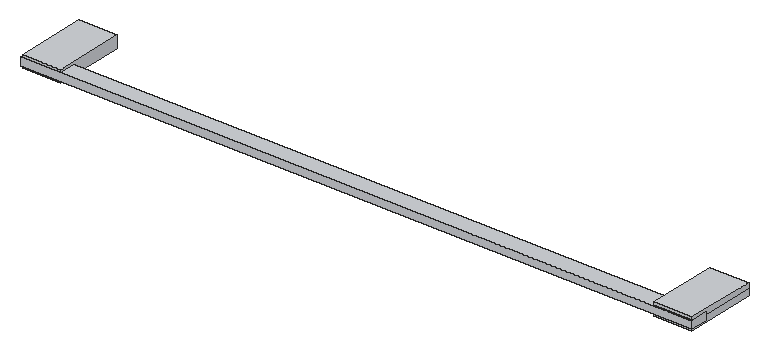
Revit family "TBA 60 ASIS", category Plumbing Fixtures, Revit 2019
Family settings
  Round Connector Dimension = Use Diameter
  Part Type = Normal
  OmniClass Number = 23.45.00.00
  OmniClass Title = Sanitary, Laundry, and Cleaning Equipment
  Work Plane-Based = No
  Always vertical = Yes
  Cut with Voids When Loaded = No
  Shared = No
  Room Calculation Point = No
Reference planes
  plane 1 "Center (Front/Back)": y = 0
  plane 2: z = 0
  plane 3 "Center (Left/Right)": x = 0
Forms (mm)
  Extrusion 1, solid
    sketch origin (0, 0, 0) x (0, 1, 0) y (0, 0, 1)
      loop
        line (0, 0) -> (15, 0) -> (15, 7) -> (0, 7) -> (0, 0)
    from 0 to 600
  Extrusion 2, solid
    sketch origin (300, 0, 0) x (1, 0, 0) y (0, 0, 1)
      loop
        line (299, 3.5) -> (299, 9) -> (265, 9) -> (265, -2) -> (299, -2) -> (299, 3.5)
    from -1 to -64
  Extrusion 3, solid
    sketch origin (0, 0, 0) x (1, 0, 0) y (0, 0, 1)
      loop
        line (1, 9) -> (1, -2) -> (35, -2) -> (35, 9) -> (1, 9)
    from -1 to -64
Lines and regions (mm)
  reference lines
    curve 1: line (300, 0, 3.5) -> (299, 0, 3.5)
  model lines
    curve 2: line (600, 0, 3.5) -> (599, 0, 3.5)
Dimensions and locks
  aligned and locked: level to plane 2
